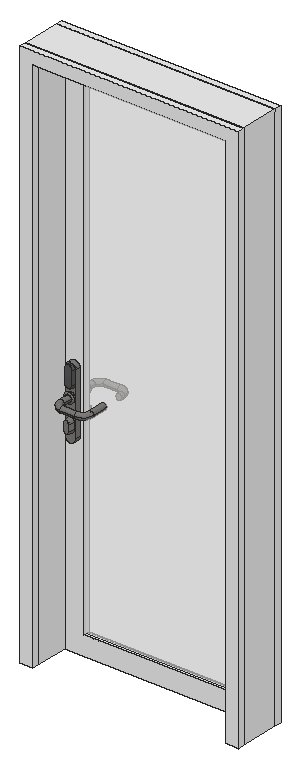
Revit family "RIY_SWING_SINGLE PANEL_FROSTED GLASS_TIMBER FRAMED_DOOR", category Doors, host Wall, Revit 2021
Family settings
  Host = Wall
  OmniClass Number = 23.30.10.00
  OmniClass Title = Doors
  Always vertical = Yes
  Cut with Voids When Loaded = No
  Shared = No
  Room Calculation Point = No
Parameters (values of type "850 X 2150 mm")
  Visual Light Transmittance = 0
  Type Comments = "8mm THK TEMPERED FROSTED GLASS DOOR WITH ALUM FRAME"
  Thickness = 8.00 mm
  Thermal Resistance (R) = 0.270117 (m²·K)/W
  Solar Heat Gain Coefficient = 0
  PANEL THK. = 25.00 mm
  Open Width = Width - 2 * Trim Width  # 750.00 mm
  Op Height = Height - Trim Width  # 2100.00 mm
  Handle Offset = 40.00 mm
  Handle Height = 900.00 mm
  GLASS THK = 8.00 mm  # constant formula
  Description = "RIY_SWING_SINGLE PANEL_FROSTED GLASS_ALUM FRAMED_DOOR"
  Define Thermal Properties by = Schematic Type
  Construction Type Id = "MDOOR"
  Heat Transfer Coefficient (U) = 3.7021 W/(m²·K)
  Function = Interior
  Door Material = Door - Glazing - FROSTED
  Frame Material = Door - Frame - ALUM
  Height = 2150.00 mm  # constant formula
  Trim Projection Ext = 25.00 mm
  Trim Projection Int = 25.00 mm
  Trim Width = 50.00 mm
  Wall Closure = By host
  Width = 850.00 mm  # constant formula
  Analytic Construction = "Metal"
  AL PANEL = 75.00 mm
Reference planes
  plane 1: y = 0
  plane 2: z = 0
  plane 3: x = 0
  plane 4: x = -375
  plane 5: x = 375
  plane 6: z = 2100
  plane 7: z = 2150
  plane 8 "WALL": y = 76.2
  plane 9: z = 900
  plane 10: x = -335
  plane 11: x = -425
  plane 12: x = 425
  plane 13: x = -300
  plane 14: z = 2025
  plane 15: z = 75
  plane 16: x = 300
  plane 17: y = 51.2
  plane 18: y = 63.7
  plane 19: y = 59.7
  plane 20: y = 67.7
Forms (mm)
  Extrusion 1, solid, material "Door - Frame - ALUM" <- "Frame Material"
    sketch origin (-1524, -76.2, 0) x (1, 0, 0) y (0, 0, 1)
      loop
        line (1099, 2150) -> (1099, 0) -> (1149, 0) -> (1149, 2100) -> (1899, 2100) -> (1899, 0) -> (1949, 0) -> (1949, 2150) -> (1099, 2150)
    from 0 to 25
  Extrusion 2, solid, material "Door - Frame - ALUM" <- "Frame Material"
    sketch origin (-1524, 76.2, 0) x (-1, 0, 0) y (0, 0, 1)
      loop
        line (-1949, 2150) -> (-1949, 0) -> (-1899, 0) -> (-1899, 2100) -> (-1149, 2100) -> (-1149, 0) -> (-1099, 0) -> (-1099, 2150) -> (-1949, 2150)
    from 0 to 25
  Sweep 3, solid, material "Door - Frame - ALUM" <- "Frame Material"
    path origin (0, 76.2, 0) x (-1, 0, 0) y (0, 0, 1)
      loop
        line (-425, 0) -> (-425, 2150) -> (425, 2150) -> (425, 0)
    profile origin (-425, 76.2, 1075) x (0, 1, 0) y (-1, 0, 0)
      loop
        line (-152.4, 0) -> (-152.4, -50) -> (0, -50) -> (0, 0) -> (-152.4, 0)
  Extrusion 4, solid, material "Door - Frame - ALUM" <- "Frame Material"
    sketch origin (-1524, -76.2, 0) x (1, 0, 0) y (0, 0, 1)
      loop
        line (1899, 2100) -> (1149, 2100) -> (1149, 0) -> (1899, 0) -> (1899, 2100)
      loop
        line (1224, 75) -> (1824, 75) -> (1824, 2025) -> (1224, 2025) -> (1224, 75)
    from -152.4 to -127.4
  Extrusion 5, solid, material "Door - Glazing - FROSTED" <- "Door Material"
    sketch origin (-1524, -76.2, 0) x (1, 0, 0) y (0, 0, 1)
      loop
        line (1824, 75) -> (1824, 2025) -> (1224, 2025) -> (1224, 75) -> (1824, 75)
    from -143.9 to -135.9
Lines and regions (mm)
  Opening 1
    outline origin (-1524, -76.2, 3657.6) x (0, 0, -1) y (1, 0, 0)
      loop
        line (1507.6, 1099) -> (3657.6, 1099) -> (3657.6, 1949) -> (1507.6, 1949) -> (1507.6, 1099)
  symbolic lines, style "DoorsPanelProjection"
    curve 1: line (375, 76.2, 0) -> (367, 76.2, 0)
    curve 2: line (375, 76.2, 0) -> (375, 826.157, 0)
    curve 3: line (375, 826.157, 0) -> (367, 826.157, 0)
    curve 4: line (367, 76.2, 0) -> (367, 826.157, 0)
  model lines, style "DoorsFrameMullionProjection"
    curve 5: line (-425, -76.2, 0) -> (-425, -76.2, 2150)
    curve 6: line (-425, -76.2, 2150) -> (425, -76.2, 2150)
    curve 7: line (425, -76.2, 2150) -> (425, -76.2, 0)
    curve 8: line (425, 76.2, 0) -> (425, 76.2, 2150)
    curve 9: line (-425, 76.2, 2150) -> (425, 76.2, 2150)
    curve 10: line (-425, 76.2, 2150) -> (-425, 76.2, 0)
  symbolic lines, style "Plan Swing"
    curve 11: arc (367, 826.157, 0) -> (-158.151, 603.694, 0) -> (-375, 76.2, 0) r 750
  model lines
    curve 12: line (-375, -76.2, 0) -> (-425, -76.2, 0)
    curve 13: line (-375, 76.2, 0) -> (-375, -76.2, 0)
    curve 14: line (-425, 76.2, 0) -> (-375, 76.2, 0)
    curve 15: line (-425, -76.2, 0) -> (-425, 76.2, 0)
    curve 16: line (375, -76.2, 0) -> (425, -76.2, 0)
    curve 17: line (375, 76.2, 0) -> (375, -76.2, 0)
    curve 18: line (425, 76.2, 0) -> (375, 76.2, 0)
    curve 19: line (425, -76.2, 0) -> (425, 76.2, 0)
  symbolic lines, style "Hidden 2"
    curve 20: line (-375, -101.2, 0) -> (375, -101.2, 1050)
    curve 21: line (375, -101.2, 1050) -> (-375, -101.2, 2100)
Dimensions and locks
  equal spacing: plane 4, plane 3, plane 5
  "Open Width": plane 4 to plane 5
  locked: host wall to curve 1
  control icon elem to plane 5 = 179.408 mm
  "Op Height": plane 6 to plane 2
  "Trim Width": plane 4 to curve 5
  "Trim Width": plane 5 to curve 7
  "Trim Width": plane 6 to curve 6
  locked: curve 9 to host wall
  "Trim Projection Ext": Extrusion 2 to host wall
  "Trim Projection Int": Extrusion 1 to host wall
  curve 4 to plane 5 = 8.00 mm
  equal spacing: plane 6, curve 21, level
  "Height": plane 7 to level
  "Handle Height": plane 9 to plane 2
  "Handle Offset": plane 4 to plane 10
  equal spacing: plane 12, plane 3, plane 11
  "Width": plane 12 to plane 11
  "AL PANEL": plane 4 to plane 13
  "AL PANEL": plane 16 to plane 5
  "AL PANEL": plane 6 to plane 14
  "AL PANEL": plane 15 to plane 2
  "PANEL THK.": plane 8 "WALL" to plane 17
  equal spacing: plane 8 "WALL", plane 18, plane 17, locked at 12.5 each
  equal spacing: plane 20, plane 18, plane 19
  "GLASS THK": plane 19 to plane 20
  "Open Width": radius of curve 11
  aligned and locked: plane 2 to curve 5
  aligned and locked: curve 7 to level
  aligned and locked: curve 8 to curve 7
  aligned and locked: curve 6 to Extrusion 1 sketch curve
  aligned and locked: Extrusion 1 sketch curve to curve 5
  aligned and locked: Extrusion 1 sketch curve to curve 7
  aligned and locked: Extrusion 1 to Extrusion 2 sketch curve
  aligned and locked: Extrusion 2 sketch curve to Extrusion 1  (x2)
  aligned and locked: plane 8 "WALL" to host wall
  aligned and locked: nested 1 to plane 10
  aligned and locked: nested 1 to plane 9
  aligned and locked: plane 11 to Extrusion 1
  aligned and locked: Extrusion 1 to plane 12
  aligned and locked: plane 11 to Opening 1 sketch curve
  aligned and locked: plane 7 to Opening 1 sketch curve
  aligned and locked: plane 12 to Opening 1 sketch curve
  aligned and locked: curve 12 to host wall
  aligned and locked: curve 13 to Extrusion 1
  aligned and locked: curve 14 to Extrusion 2
  aligned and locked: curve 15 to host wall
  aligned and locked: host wall to curve 16
  aligned and locked: curve 17 to Extrusion 1
  aligned and locked: plane 8 "WALL" to curve 18
  aligned and locked: curve 19 to Extrusion 2
  aligned and locked: plane 11 to Sweep 3 sketch curve
  aligned and locked: plane 7 to Sweep 3 sketch curve
  aligned and locked: plane 12 to Sweep 3 sketch curve
  aligned and locked: level to Sweep 3 sketch curve  (x2)
  aligned and locked: Sweep 3 sketch curve to Extrusion 1
  aligned and locked: Sweep 3 sketch curve to curve 15
  aligned and locked: Sweep 3 sketch curve to curve 13
  aligned and locked: Extrusion 4 sketch curve to plane 6
  aligned and locked: Extrusion 4 sketch curve to plane 5
  aligned and locked: Extrusion 4 sketch curve to curve 12
  aligned and locked: plane 4 to Extrusion 4 sketch curve
  aligned and locked: Extrusion 4 sketch curve to plane 15
  aligned and locked: Extrusion 4 sketch curve to plane 13
  aligned and locked: plane 14 to Extrusion 4 sketch curve
  aligned and locked: plane 16 to Extrusion 4 sketch curve
  aligned and locked: plane 15 to Extrusion 5 sketch curve
  aligned and locked: Extrusion 5 sketch curve to plane 16
  aligned and locked: Extrusion 5 sketch curve to plane 14
  aligned and locked: plane 13 to Extrusion 5 sketch curve
  aligned and locked: plane 8 "WALL" to Extrusion 4
  aligned and locked: Extrusion 4 to plane 17
  aligned and locked: Extrusion 5 to plane 20
  aligned and locked: Extrusion 5 to plane 19
  aligned and locked: nested 1 to plane 18
Automatic sketch dimensions
  Opening 1 sketch curve to level = 0.00 mm
  Extrusion 1 sketch curve to level = 0.00 mm  (x2)
  Extrusion 1 sketch curve to plane 4 = 0.00 mm
  Extrusion 1 sketch curve to plane 5 = 0.00 mm
  Extrusion 1 sketch curve to plane 6 = 0.00 mm
  Extrusion 2 sketch curve to level = 0.00 mm  (x2)
  Extrusion 2 sketch curve to plane 5 = 0.00 mm
  Extrusion 2 sketch curve to plane 4 = 0.00 mm
  Extrusion 2 sketch curve to plane 6 = 0.00 mm
  curve 10 to level = 0.00 mm
  curve 8 to level = 0.00 mm
  curve 9 to curve 5 = 0.00 mm
  curve 10 to curve 5 = 0.00 mm
  Sweep 3 sketch curve to plane 8 "WALL" = 0.00 mm
  curve 11 to host wall = 0.00 mm
  curve 11 to plane 4 = 0.00 mm
  curve 2 to plane 5 = 0.00 mm
  curve 21 to Extrusion 1 = 0.00 mm  (x2)
  curve 20 to Extrusion 1 = 0.00 mm  (x2)
  Extrusion 1 to curve 20 = 0.00 mm
  curve 21 to Extrusion 1 = 1050.00 mm
Nested families
  nested 1: "NBS_SaltoSystems_Escutcheons_SALTO_XS4Original" at (-335, 63.7, 900) x (-1, 0, 0) z (0, 0, 1), type "Model 50"
    with WarrantyStartDate "1900-12-31T23:59:59", TagNumber "n/a", SerialNumber "n/a", InstallationDate "1900-12-31T23:59:59", BarCode "n/a", AssetIdentifier "n/a", LeafThickness 25.00 mm
Definition of nested family "NBS_SaltoSystems_Escutcheons_SALTO_XS4Original"
  Parameters (values of type "Model 50")
    WarrantyStartDate [instance] = "1900-12-31T23:59:59"
    WarrantyGuarantorParts = "n/a"
    WarrantyGuarantorLabor = "n/a"
    WarrantyDurationUnit = "year"
    WarrantyDurationParts = "n/a"
    WarrantyDurationLabor = "n/a"
    WarrantyDescription = "n/a"
    Version = "1"  # constant formula
    Uniclass2015Version = "Products v1.22"
    Uniclass2015Title = "Escutcheons"
    Uniclass2015Code = "Pr_30_36_33_27"
    TagNumber [instance] = "n/a"
    SustainabilityPerformance = "n/a"
    Spindles = "7 mm.,7.6 mm split.,8 mm.,8 mm split.,9 mm.,9 mm split"
    Size = "n/a"
    Shape = "n/a"
    SerialNumber [instance] = "n/a"
    Revision = "n/a"
    ReplacementCost = "n/a"
    RecycledContent = "n/a"
    Recyclability = "n/a"
    ReaderMaterial = none
    ReaderCoverColour = "Black.,White"
    RFIDCredentials = "SALTO JustIN Mobile Credentials1.,NXP MIFARE®2"
    ProductInformation = "n/a"
    NominalWidth = 0.00 mm
    NominalLength = 0.00 mm
    NominalHeight = 0.00 mm
    Name = "Escutcheons_SALTO_XS4Original+_Model_50_SaltoSystems"
    NBSCertification = "www.nationalbimlibrary.com/cert/x3pjky4i"
    ModelReference = "Model 50"
    ModelNumber = "n/a"
    MaterialAndFinish = "IM Satin stainless steel.,IP Bright stainless steel.,PP PVD bright brass type.,PM PVD satin brass type.,NE Black chromium.,DB Dark Bronze.,BC BioCote anti-microbial"
    Material = "n/a"
    ManufacturerURL = "www.saltosystems.co.uk"
    ManufacturerName = "Salto Systems"  # constant formula
    Manufacturer = "n/a"
    LeafThickness = 44.00 mm
    KeyholeType = "n/a"
    IntegralAccessories = "2 no. handles."
    InstallationDate [instance] = "1900-12-31T23:59:59"
    IfcExportType = "NOTDEFINED"  # constant formula
    IfcExportAs = "IfcDoorType"  # constant formula
    IPCode = "IP 53"
    HasOutsideOverride = yes
    HasOutsideCutout = yes
    HasInsideThumbturn = yes
    HasInsideCutout = yes
    HasInsideButton = yes
    HandleMaterial = none
    Handle = "U.,L.,W.,H.,S.,B.,P.,J.,T.,Y.,Z.,O.,N.,G.,K.,I.,2.,3.,4.,7.,5"
    Grade = "n/a"
    FireResistance = "To EN 1634-1, EI30, EI60"
    Finish = "n/a"
    Features = "n/a"
    ExpectedLife = "n/a"
    Execution = "n/a"
    EmbodiedCarbon = "n/a"
    DurationUnit = "year"
    DoorThicknessOptions = "n/a"
    Description = "n/a"
    Default Elevation = 0.00 mm
    CountryOfProductManufacture = "n/a"
    CountryOfMaterialOrigin = "n/a"
    ContainsRedListMaterials = "n/a"
    Constituents = "n/a"
    Colour = "n/a"
    Color = "n/a"
    CodePerformance = "n/a"
    Category = "Pr_30_36_33_27:Escutcheons"
    ButtonMaterial = none
    BatteriesType = "LR03 AAA.,Lithium FR03"
    BarCode [instance] = "n/a"
    BIMObjectName = "NBS_SaltoSystems_Escutcheons_SALTO_XS4Original_Model50"
    Author = "NBS"  # constant formula
    AssetType = "Fixed"
    AssetIdentifier [instance] = "n/a"
    AccessibilityPerformance = "n/a"
  Reference planes
    plane 1 "Center (Front/Back)": y = 0
    plane 2: z = 0
    plane 3 "Center (Left/Right)": x = 0
    plane 4: z = 120.75
    plane 5 "Top": z = 120.75
    plane 6 "DoorInterior": y = 22
    plane 7 "DoorExterior": y = -22
    plane 8: y = 41.81
    plane 9: y = -41.81
    plane 10 "Back": y = 121.72
    plane 11 "Front": y = -129.223
    plane 12: x = 20
    plane 13: x = 20
    plane 14 "Bottom": z = -160.75
  Dimensions and locks
    "NominalHeight": plane 4 to plane 5 "Top"
    equal spacing: plane 6 "DoorInterior", plane 1 "Center (Front/Back)", plane 7 "DoorExterior"
    "LeafThickness": plane 6 "DoorInterior" to plane 7 "DoorExterior"
    locked: plane 8 to plane 6 "DoorInterior" at 19.81
    locked: plane 9 to plane 7 "DoorExterior" at 19.81
    locked: plane 10 "Back" to plane 6 "DoorInterior" at 99.72
    locked: plane 7 "DoorExterior" to plane 11 "Front" at 107.223
    plane 10 "Back" to plane 11 "Front" = 250.943 mm
    "NominalLength": plane 12 to plane 13
    locked: plane 4 to plane 2 at 120.75
    locked: plane 2 to plane 14 "Bottom" at 160.75
    aligned and locked: level to plane 2
    aligned and locked: plane 6 "DoorInterior" to nested 2
    aligned and locked: nested 1 to plane 7 "DoorExterior"
  Nested families
    nested 1: "NBS_SaltoSystems_Escutcheons_SALTO_XS4Original_NestedFront" at (0, -3.849, 0) x (-1, 0, 0) z (0, 0, 1), type "SALTO_XS4Original_NestedFront"
      with HasOutsideOverride yes, HasOutsideCutout yes, CalcCutoutOffset 5.00 mm
    nested 2: "NBS_SaltoSystems_Escutcheons_SALTO_XS4Original_NestedBack" at (0, -0.038, 0) x (-1, 0, 0) z (0, 0, 1), type "SALTO_XS4Original_NestedBack"
      with HasInsideThumbturn yes, HasInsideCutout yes, HasInsideButton yes, CalcCutoutOffset 5.00 mm
  Definition of nested family "NBS_SaltoSystems_Escutcheons_SALTO_XS4Original_NestedFront"
    Parameters (values of type "SALTO_XS4Original_NestedFront")
      ReaderMaterial = none
      HasOutsideOverride = no
      HasOutsideCutout = no
      HandleMaterial = none
      Default Elevation = 0.00 mm
      CalcCutoutOffset = if(HasOutsideCutout, 5.00 mm, 55.00 mm)  # 55.00 mm
    Reference planes
      plane 1 "Center (Front/Back)": y = 0
      plane 2: z = 0
      plane 3 "Center (Left/Right)": x = 0
      plane 4 "ref1": y = -38.151
      plane 5 "CylinderCL": z = -85
      plane 6: y = -63.151
      plane 7: y = -93.151
      plane 8: z = -102.9
      plane 9: y = -58.151
      plane 10: z = -109.9
      plane 11: y = -50.151
    Forms (mm)
      Extrusion 1, solid, material <- "HandleMaterial"
        sketch origin (0, 0, 0) x (1, 0, 0) y (0, 0, 1)
          loop
            line (-20, 100.75) -> (-20, -140.75)
            arc (-20, -140.75) -> (0, -160.75) -> (20, -140.75) r 20
            line (20, -140.75) -> (20, 100.75)
            arc (20, 100.75) -> (0, 120.75) -> (-20, 100.75) r 20
        from 18.151 to 38.151
      Extrusion 2, solid, material <- "ReaderMaterial", detail levels medium
        sketch origin (0, -38.151, 0) x (1, 0, 0) y (0, 0, 1)
          loop
            arc (-16, 47.764) -> (0, 31.764) -> (16, 47.764) r 16
            line (16, 47.764) -> (16, 100.75)
            arc (16, 100.75) -> (0, 116.75) -> (-16, 100.75) r 16
            line (-16, 100.75) -> (-16, 47.764)
        from 0 to 12
      Sweep 3, solid, material <- "HandleMaterial"
        path in 3D
          loop
            line (0, -38.151, 0) -> (0, -84.973, 0)
            arc (0, -84.973, 0) -> (8.602, -105.741, 0) -> (29.37, -114.343, 0) r 29.37
            line (29.37, -114.343, 0) -> (86.02, -114.343, 0)
            arc (86.02, -114.343, 0) -> (106.689, -105.782, 0) -> (115.25, -85.113, 0) r 29.23
            line (115.25, -85.113, 0) -> (115.25, -71.841, 0)
        profile origin (0, -61.562, 0) x (1, 0, 0) y (0, 0, 1)
          loop
            circle (0, 0) r 11
      Blend 4, solid, material <- "ReaderMaterial", detail levels fine
        base sketch origin (0, -38.151, 0) x (1, 0, 0) y (0, 0, 1)
          loop
            line (-16, 100.75) -> (-16, 47.764)
            arc (-16, 47.764) -> (0, 31.764) -> (16, 47.764) r 16
            line (16, 47.764) -> (16, 100.75)
            arc (16, 100.75) -> (0, 116.75) -> (-16, 100.75) r 16
        top sketch origin (0, -38.151, 0) x (1, 0, 0) y (0, 0, 1)
          loop
            arc (14, 100.75) -> (0, 114.75) -> (-14, 100.75) r 14
            line (-14, 100.75) -> (-14, 47.764)
            arc (-14, 47.764) -> (0, 33.764) -> (14, 47.764) r 14
            line (14, 47.764) -> (14, 100.75)
        from 0 to 12
      Extrusion 5, void
        sketch origin (0, 0, 0) x (0, 1, 0) y (0, 0, 1)
          loop
            line (-38.151, 121.75) -> (-74.145, 121.75) -> (-74.145, 26.764) -> (-38.151, 26.764) -> (-38.151, 28.764) -> (-46.651, 28.764)
            arc (-46.651, 28.764) -> (-50.151, 74.257) -> (-46.651, 119.75) r 297.409
            line (-46.651, 119.75) -> (-38.151, 119.75) -> (-38.151, 121.75)
        from -20 to 20
      Extrusion 6, void
        sketch origin (0, 0, 0) x (1, 0, 0) y (0, 0, 1)
          loop
            arc (5, -91.874) -> (0, -76.5) -> (-5, -91.874) r 8.5
            line (-5, -91.874) -> (-5, -102.9)
            arc (-5, -102.9) -> (0, -107.9) -> (5, -102.9) r 5
            line (5, -102.9) -> (5, -91.874)
        from 63.151 to 93.151
      Extrusion 7, solid, material <- "HandleMaterial", visible <- "HasOutsideOverride", detail levels medium
        sketch origin (0, -38.151, 0) x (1, 0, 0) y (0, 0, 1)
          loop
            arc (14, -85) -> (0, -71) -> (-14, -85) r 14
            line (-14, -85) -> (-14, -109.9)
            arc (-14, -109.9) -> (0, -123.9) -> (14, -109.9) r 14
            line (14, -109.9) -> (14, -85)
        from 0 to 20
      Blend 8, solid, material <- "HandleMaterial", visible <- "HasOutsideOverride", detail levels fine
        base sketch origin (0, -38.151, 0) x (1, 0, 0) y (0, 0, 1)
          loop
            arc (14, -85) -> (0, -71) -> (-14, -85) r 14
            line (-14, -85) -> (-14, -109.9)
            arc (-14, -109.9) -> (0, -123.9) -> (14, -109.9) r 14
            line (14, -109.9) -> (14, -85)
        top sketch origin (0, -38.151, 0) x (1, 0, 0) y (0, 0, 1)
          loop
            arc (9.5, -85) -> (0, -75.5) -> (-9.5, -85) r 9.5
            line (-9.5, -85) -> (-9.5, -109.9)
            arc (-9.5, -109.9) -> (0, -119.4) -> (9.5, -109.9) r 9.5
            line (9.5, -109.9) -> (9.5, -85)
        from 0 to 20
      Revolve 9, solid, material <- "HandleMaterial", detail levels fine
        sketch origin (0, 0, 0) x (0, 1, 0) y (0, 0, 1)
          loop
            line (-38.151, 19) -> (-46.151, 19)
            arc (-46.151, 19) -> (-48.98, 17.828) -> (-50.151, 15) r 4
            line (-50.151, 15) -> (-50.151, 11) -> (-38.151, 11) -> (-38.151, 19)
          axis (-38.151, 0) -> (-50.151, 0)
        angle from 0 to 360
    Cuts and joins
      Extrusion 5 cuts Blend 4
      Extrusion 6 cuts Extrusion 1
    Lines and regions (mm)
      reference lines
        curve 1: line (0, -38.151, 0) -> (0, -84.973, 0)
        curve 2: line (29.37, -114.343, 0) -> (86.02, -114.343, 0)
        curve 3: line (115.25, -71.841, 0) -> (115.25, -85.113, 0)
        curve 4: arc (0, -84.973, 0) -> (8.602, -105.741, 0) -> (29.37, -114.343, 0) r 29.37
        curve 5: arc (86.02, -114.343, 0) -> (106.689, -105.782, 0) -> (115.25, -85.113, 0) r 29.23
      sketch lines
        curve 6: line (0, -38.151, 0) -> (0, -84.973, 0)
        curve 7: arc (0, -84.973, 0) -> (8.602, -105.741, 0) -> (29.37, -114.343, 0) r 29.37
        curve 8: line (29.37, -114.343, 0) -> (86.02, -114.343, 0)
        curve 9: arc (86.02, -114.343, 0) -> (106.689, -105.782, 0) -> (115.25, -85.113, 0) r 29.23
        curve 10: line (115.25, -71.841, 0) -> (115.25, -85.113, 0)
      model lines, detail levels coarse
        curve 11: line (-16, -38.151, 100.75) -> (-16, -38.151, 47.764)
        curve 12: arc (16, -38.151, 100.75) -> (0, -38.151, 116.75) -> (-16, -38.151, 100.75) r 16
        curve 13: line (16, -38.151, 47.764) -> (16, -38.151, 100.75)
        curve 14: arc (-16, -38.151, 47.764) -> (0, -38.151, 31.764) -> (16, -38.151, 47.764) r 16
      model lines, visible <- "HasOutsideOverride", detail levels coarse
        curve 15: arc (14, -38.151, -85) -> (0, -38.151, -71) -> (-14, -38.151, -85) r 14
        curve 16: arc (-14, -38.151, -109.9) -> (0, -38.151, -123.9) -> (14, -38.151, -109.9) r 14
        curve 17: line (-14, -38.151, -109.9) -> (-14, -38.151, -85)
        curve 18: line (14, -38.151, -85) -> (14, -38.151, -109.9)
    Dimensions and locks
      locked: level to plane 5 "CylinderCL" at 85
      "CalcCutoutOffset": plane 4 "ref1" to plane 7
      locked: plane 6 to plane 7 at 30
      locked: plane 5 "CylinderCL" to plane 8 at 17.9
      locked: plane 4 "ref1" to plane 1 "Center (Front/Back)" at 38.151
      locked: curve 1 to curve 1 at 46.822
      locked: curve 2 to plane 4 "ref1" at 76.192
      locked: curve 4 to plane 4 "ref1" at 46.822
      locked: curve 5 to plane 4 "ref1" at 46.961
      locked: plane 4 "ref1" to plane 9 at 20
      locked: plane 8 to plane 10 at 7
      locked: plane 4 "ref1" to Extrusion 5 sketch curve at 8.5  (x2)
      locked: plane 4 "ref1" to Extrusion 5 sketch curve at 35.993
      locked: Extrusion 5 sketch curve to plane 4 "ref1" at 285.409
      locked: plane 4 "ref1" to plane 11 at 12
      locked: Revolve 9 sketch curve to plane 2 at 11
      locked: Revolve 9 sketch curve to plane 2 at 15
      radius of Revolve 9 sketch curve = 4.00 mm
      aligned and locked: level to plane 2
      aligned and locked: Extrusion 6 to plane 6
      aligned and locked: Extrusion 6 to plane 7
      aligned and locked: plane 4 "ref1" to Extrusion 1
      aligned and locked: cut or joined group of Blend 4, Extrusion 5 to plane 4 "ref1"
      aligned and locked: Extrusion 2 to plane 4 "ref1"
      aligned and locked: plane 4 "ref1" to Sweep 3
      aligned and locked: plane 4 "ref1" to curve 1
      aligned and locked: plane 9 to Extrusion 7
      aligned and locked: plane 9 to Blend 8
      aligned and locked: Extrusion 5 sketch curve to plane 4 "ref1"  (x2)
      aligned and locked: plane 4 "ref1" to Revolve 9 sketch curve
      aligned and locked: plane 11 to Revolve 9 sketch curve
      aligned and locked: Revolve 9 sketch curve to plane 2
    Automatic sketch dimensions
      Extrusion 1 sketch curve to plane 3 "Center (Left/Right)" = 0.00 mm
      Extrusion 1 sketch curve to plane 3 "Center (Left/Right)" = 20.00 mm
      Extrusion 1 sketch curve to plane 5 "CylinderCL" = 55.75 mm
      level to Extrusion 1 sketch curve = 100.75 mm
      Extrusion 2 sketch curve to plane 3 "Center (Left/Right)" = 0.00 mm
      Extrusion 2 sketch curve to plane 3 "Center (Left/Right)" = 16.00 mm
      level to Extrusion 2 sketch curve = 47.764 mm
      Extrusion 2 sketch curve to Extrusion 2 sketch curve = 52.986 mm
      curve 1 to plane 3 "Center (Left/Right)" = 0.00 mm
      curve 4 to curve 5 = 56.651 mm
      plane 6 to curve 3 = 8.69 mm
      profile plane to Sweep 3 sketch curve = 0.00 mm
      Sweep 3 sketch curve to profile plane = 0.00 mm
      Blend 4 sketch curve to plane 3 "Center (Left/Right)" = 0.00 mm  (x2)
      Blend 4 sketch curve to plane 3 "Center (Left/Right)" = 16.00 mm
      level to Blend 4 sketch curve = 47.764 mm  (x2)
      Blend 4 sketch curve to Blend 4 sketch curve = 52.986 mm  (x2)
      Blend 4 sketch curve to plane 3 "Center (Left/Right)" = 14.00 mm
      level to Extrusion 5 sketch curve = 74.257 mm
      level to Extrusion 5 sketch curve = 28.764 mm
      Extrusion 5 sketch curve to Extrusion 5 sketch curve = 2.00 mm  (x2)
      Extrusion 6 sketch curve to plane 3 "Center (Left/Right)" = 0.00 mm  (x2)
      Extrusion 6 sketch curve to plane 8 = 0.00 mm
      Extrusion 6 sketch curve to plane 5 "CylinderCL" = 0.00 mm
      Extrusion 6 sketch curve to plane 3 "Center (Left/Right)" = 5.00 mm
      Extrusion 6 sketch curve to plane 5 "CylinderCL" = 6.874 mm
      Extrusion 6 sketch curve to Extrusion 6 sketch curve = 0.00 mm
      Extrusion 7 sketch curve to plane 10 = 0.00 mm  (x2)
      Extrusion 7 sketch curve to plane 3 "Center (Left/Right)" = 0.00 mm
      Extrusion 7 sketch curve to plane 5 "CylinderCL" = 0.00 mm
      Extrusion 7 sketch curve to Extrusion 7 sketch curve = 14.00 mm
      curve 14 to plane 3 "Center (Left/Right)" = 0.00 mm
      curve 15 to plane 3 "Center (Left/Right)" = 0.00 mm
      curve 18 to plane 10 = 0.00 mm
      curve 18 to plane 5 "CylinderCL" = 0.00 mm
      curve 16 to plane 10 = 0.00 mm
      curve 15 to plane 5 "CylinderCL" = 0.00 mm
      curve 11 to plane 3 "Center (Left/Right)" = 16.00 mm
      level to curve 14 = 47.764 mm
      curve 14 to curve 12 = 52.986 mm
      curve 17 to curve 16 = 14.00 mm
      Blend 8 sketch curve to plane 5 "CylinderCL" = 0.00 mm  (x2)
      Blend 8 sketch curve to plane 10 = 0.00 mm  (x2)
      Blend 8 sketch curve to plane 3 "Center (Left/Right)" = 0.00 mm  (x2)
      Blend 8 sketch curve to Blend 8 sketch curve = 14.00 mm
      plane 3 "Center (Left/Right)" to Blend 8 sketch curve = 9.50 mm
      plane 7 to Revolve 9 sketch curve = 2414.617 mm
      Revolve 9 sketch curve to plane 1 "Center (Front/Back)" = 1632.544 mm
      radius of Sweep 3 sketch curve = 11.00 mm
  Definition of nested family "NBS_SaltoSystems_Escutcheons_SALTO_XS4Original_NestedBack"
    Parameters (values of type "SALTO_XS4Original_NestedBack")
      HasInsideThumbturn = no
      HasInsideCutout = no
      HasInsideButton = no
      HandleMaterial = none
      Default Elevation = 0.00 mm
      CalcCutoutOffset = if(HasInsideCutout, 5.00 mm, 55.00 mm)  # 55.00 mm
      ButtonMaterial = none
    Reference planes
      plane 1 "Center (Front/Back)": y = 0
      plane 2: z = 0
      plane 3 "Center (Left/Right)": x = 0
      plane 4 "ref1": y = -38.151
      plane 5: y = 22.038
      plane 6 "Ref2": y = 41.849
      plane 7: z = -85
      plane 8: z = -103
      plane 9: y = 53.849
      plane 10: y = 72.365
      plane 11: y = 96.849
      plane 12: y = 66.849
      plane 13: z = -41
      plane 14: y = 49.849
    Forms (mm)
      Extrusion 1, solid, material <- "HandleMaterial"
        sketch origin (0, 0, 0) x (1, 0, 0) y (0, 0, 1)
          loop
            line (-20, 100.75) -> (-20, -140.75)
            arc (-20, -140.75) -> (0, -160.75) -> (20, -140.75) r 20
            line (20, -140.75) -> (20, 100.75)
            arc (20, 100.75) -> (0, 120.75) -> (-20, 100.75) r 20
        from -41.849 to -22.038
      Extrusion 2, solid, material <- "HandleMaterial", visible <- "HasInsideThumbturn", detail levels medium
        sketch origin (0, 0, 0) x (1, 0, 0) y (0, 0, 1)
          loop
            circle (0, -85) r 12
        from -41.849 to -72.365
      Sweep 3, solid, material <- "HandleMaterial"
        path in 3D
          loop
            line (0, 41.849, 0) -> (0, 81.349, 0)
            arc (0, 81.349, 0) -> (8.602, 102.116, 0) -> (29.37, 110.718, 0) r 29.37
            line (29.37, 110.718, 0) -> (86.02, 110.718, 0)
            arc (86.02, 110.718, 0) -> (106.689, 102.157, 0) -> (115.25, 81.488, 0) r 29.23
            line (115.25, 81.488, 0) -> (115.25, 68.681, 0)
        profile origin (8.602, 102.116, 0) x (-0.707107, 0.707107, 0) y (0, 0, 1)
          loop
            circle (0, 0) r 11
      Extrusion 4, void
        sketch origin (0, 0, 0) x (1, 0, 0) y (0, 0, 1)
          loop
            arc (5, -91.874) -> (0, -76.5) -> (-5, -91.874) r 8.5
            line (-5, -91.874) -> (-5, -103)
            arc (-5, -103) -> (0, -108) -> (5, -103) r 5
            line (5, -103) -> (5, -91.874)
        from -96.849 to -66.849
      Extrusion 5, solid, material <- "HandleMaterial", visible <- "HasInsideThumbturn", detail levels fine
        sketch origin (0, 41.849, 0) x (1, 0, 0) y (0, 0, 1)
          loop
            circle (0, -85) r 12
        from 0 to -30.517
      Revolve 6, solid, material <- "HandleMaterial", detail levels fine
        sketch origin (0, 0, 0) x (0, 1, 0) y (0, 0, 1)
          loop
            line (41.849, 19) -> (41.849, 11) -> (53.849, 11) -> (53.849, 15)
            arc (53.849, 15) -> (52.677, 17.828) -> (49.849, 19) r 4
            line (49.849, 19) -> (41.849, 19)
          axis (53.849, 0) -> (41.849, 0)
        angle from 0 to 360
      Extrusion 7, void
        sketch origin (0, 0, 0) x (1, 0, 0) y (0, 1, 0)
          loop
            line (-4, 59.849) -> (-4, 81.849) -> (-20, 81.849) -> (-20, 51.849) -> (-12, 51.849)
            arc (-12, 51.849) -> (-6.343, 54.192) -> (-4, 59.849) r 8
          loop
            line (4, 81.849) -> (4, 59.849)
            arc (4, 59.849) -> (6.343, 54.192) -> (12, 51.849) r 8
            line (12, 51.849) -> (20, 51.849) -> (20, 81.849) -> (4, 81.849)
        from -103 to 0
      Extrusion 8, solid, material <- "HandleMaterial", visible <- "HasInsideButton", detail levels medium
        sketch origin (0, 41.849, 0) x (1, 0, 0) y (0, 0, 1)
          loop
            circle (0, -41) r 10
        from 0 to -12
      Extrusion 9, solid, material <- "HandleMaterial", visible <- "HasInsideButton", detail levels fine
        sketch origin (0, 41.849, 0) x (1, 0, 0) y (0, 0, 1)
          loop
            circle (0, -41) r 10
        from 0 to -8
      Extrusion 10, solid, material <- "ButtonMaterial", visible <- "HasInsideButton", detail levels fine
        sketch origin (0, 41.849, 0) x (1, 0, 0) y (0, 0, 1)
          loop
            circle (0, -41) r 10
        from -8 to -12
    Cuts and joins
      Extrusion 4 cuts Extrusion 1
      Extrusion 7 cuts Extrusion 5
    Lines and regions (mm)
      reference lines
        curve 1: line (0, 41.849, 0) -> (0, 81.349, 0)
        curve 2: line (29.37, 110.718, 0) -> (86.02, 110.718, 0)
        curve 3: line (115.25, 68.681, 0) -> (115.25, 81.488, 0)
        curve 4: arc (0, 81.349, 0) -> (8.602, 102.116, 0) -> (29.37, 110.718, 0) r 29.37
        curve 5: arc (86.02, 110.718, 0) -> (106.689, 102.157, 0) -> (115.25, 81.488, 0) r 29.23
      sketch lines
        curve 6: arc (0, 81.349, 0) -> (8.602, 102.116, 0) -> (29.37, 110.718, 0) r 29.37
        curve 7: line (0, 41.849, 0) -> (0, 81.349, 0)
        curve 8: line (29.37, 110.718, 0) -> (86.02, 110.718, 0)
        curve 9: arc (86.02, 110.718, 0) -> (106.689, 102.157, 0) -> (115.25, 81.488, 0) r 29.23
        curve 10: line (115.25, 68.681, 0) -> (115.25, 81.488, 0)
      model lines, visible <- "HasInsideThumbturn", detail levels coarse
        curve 11: circle (0, 41.849, -85) r 12 normal (0, -1, 0)
      model lines, visible <- "HasInsideButton", detail levels coarse
        curve 12: circle (0, 41.849, -41) r 10 normal (0, -1, 0)
    Dimensions and locks
      locked: plane 5 to curve 2 at 88.68
      locked: plane 1 "Center (Front/Back)" to plane 5 at 22.038
      locked: plane 5 to plane 6 "Ref2" at 19.81
      locked: plane 5 to curve 5 at 59.45
      locked: plane 5 to curve 4 at 59.31
      locked: plane 5 to curve 3 at 46.643
      locked: plane 2 to plane 7 at 85
      locked: plane 7 to plane 8 at 18
      locked: plane 9 to plane 6 "Ref2" at 12
      locked: plane 10 to plane 6 "Ref2" at 30.517
      "CalcCutoutOffset": plane 11 to plane 6 "Ref2"
      locked: plane 11 to plane 12 at 30
      locked: Revolve 6 sketch curve to plane 2 at 11
      locked: Revolve 6 sketch curve to plane 2 at 19
      locked: Revolve 6 sketch curve to plane 2 at 15
      locked: plane 6 "Ref2" to Extrusion 7 sketch curve at 10  (x2)
      locked: plane 6 "Ref2" to Extrusion 7 sketch curve at 40  (x2)
      locked: Extrusion 7 sketch curve to plane 3 "Center (Left/Right)" at 12
      locked: plane 3 "Center (Left/Right)" to Extrusion 7 sketch curve at 12
      locked: plane 3 "Center (Left/Right)" to Extrusion 7 sketch curve at 20
      locked: Extrusion 7 sketch curve to plane 3 "Center (Left/Right)" at 20
      locked: plane 2 to plane 13 at 41
      locked: plane 9 to plane 14 at 4
      radius of Revolve 6 sketch curve = 4.00 mm
      radius of Extrusion 7 sketch curve = 8.00 mm  (x2)
      aligned and locked: level to plane 2
      aligned and locked: plane 6 "Ref2" to curve 1
      aligned and locked: Extrusion 1 to plane 6 "Ref2"
      aligned and locked: plane 5 to Extrusion 1
      aligned and locked: plane 7 to Extrusion 2 sketch curve
      aligned and locked: plane 10 to Extrusion 2
      aligned and locked: Extrusion 4 to plane 11
      aligned and locked: plane 12 to Extrusion 4
      aligned and locked: Extrusion 5 to Extrusion 2
      aligned and locked: plane 6 "Ref2" to Revolve 6 sketch curve
      aligned and locked: plane 9 to Revolve 6 sketch curve
      aligned and locked: plane 2 to Revolve 6 sketch curve
      aligned and locked: Extrusion 8 to plane 9
      aligned and locked: Extrusion 9 to plane 14
      aligned and locked: Extrusion 10 to plane 14
      aligned and locked: Extrusion 10 to plane 9
    Automatic sketch dimensions
      Extrusion 1 sketch curve to plane 3 "Center (Left/Right)" = 0.00 mm
      Extrusion 1 sketch curve to plane 3 "Center (Left/Right)" = 20.00 mm
      Extrusion 1 sketch curve to plane 8 = 37.75 mm
      level to Extrusion 1 sketch curve = 100.75 mm
      Extrusion 2 sketch curve to plane 3 "Center (Left/Right)" = 0.00 mm
      curve 1 to plane 3 "Center (Left/Right)" = 0.00 mm
      curve 4 to curve 5 = 56.651 mm
      Sweep 3 sketch curve to profile plane = 0.00 mm
      profile plane to Sweep 3 sketch curve = 0.00 mm
      Extrusion 4 sketch curve to plane 3 "Center (Left/Right)" = 0.00 mm  (x2)
      Extrusion 4 sketch curve to plane 8 = 0.00 mm
      Extrusion 4 sketch curve to plane 7 = 0.00 mm
      Extrusion 4 sketch curve to plane 3 "Center (Left/Right)" = 5.00 mm
      Extrusion 4 sketch curve to plane 7 = 6.874 mm
      Extrusion 4 sketch curve to Extrusion 4 sketch curve = 0.00 mm
      Extrusion 5 sketch curve to plane 3 "Center (Left/Right)" = 0.00 mm
      Extrusion 5 sketch curve to plane 7 = 0.00 mm
      plane 4 "ref1" to Revolve 6 sketch curve = 2469.617 mm
      Revolve 6 sketch curve to plane 11 = 1535.695 mm
      Extrusion 8 sketch curve to plane 3 "Center (Left/Right)" = 0.00 mm
      Extrusion 8 sketch curve to plane 13 = 0.00 mm
      Extrusion 9 sketch curve to plane 3 "Center (Left/Right)" = 0.00 mm
      Extrusion 9 sketch curve to plane 13 = 0.00 mm
      Extrusion 10 sketch curve to plane 3 "Center (Left/Right)" = 0.00 mm
      Extrusion 10 sketch curve to plane 13 = 0.00 mm
      curve 12 to plane 3 "Center (Left/Right)" = 0.00 mm
      curve 11 to plane 3 "Center (Left/Right)" = 0.00 mm
      curve 11 to plane 7 = 0.00 mm
      curve 12 to plane 13 = 0.00 mm
      radius of Extrusion 2 sketch curve = 12.00 mm
      radius of Sweep 3 sketch curve = 11.00 mm
      radius of Extrusion 5 sketch curve = 12.00 mm
      radius of Extrusion 8 sketch curve = 10.00 mm
      radius of Extrusion 9 sketch curve = 10.00 mm
      radius of Extrusion 10 sketch curve = 10.00 mm
      radius of curve 11 = 12.00 mm
      radius of curve 12 = 10.00 mm
